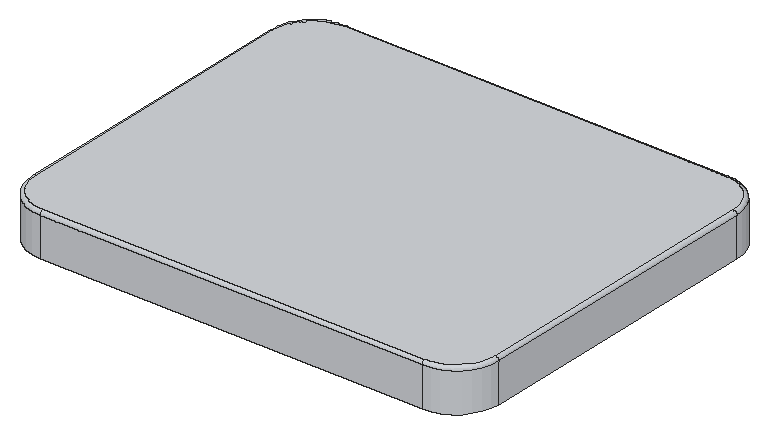
Revit family "F960-33x27x3", category Furniture Systems, Revit 2019
Family settings
  Round Connector Dimension = Use Diameter
  Part Type = Normal
  Work Plane-Based = No
  Always vertical = Yes
  Cut with Voids When Loaded = No
  Shared = No
  Room Calculation Point = No
Parameters
  URL = "https://fomcore.com/"
  Model = "F960-33x27x3"
  Manufacturer = "FOMCORE"
  Fabric = none
  Description = "Nest Series - Robin's Egg Pad"
Reference planes (in)
  plane 1 "Center F/B": y = 0
  plane 2: z = 0
  plane 3 "Center L/R": x = 0
  plane 4: x = 16.5
  plane 5: x = -16.49148
  plane 6: y = -13.5
  plane 7: y = 13.5
Forms (in)
  Extrusion 1, solid, material <- "Fabric"
    sketch origin (0, 0, 0) x (1, 0, 0) y (0, 1, 0)
      loop
        arc (-13.49106, 13.25) -> (-15.4359, 12.44442) -> (-16.24148, 10.49958) r 2.75042
        line (-16.24148, 10.49958) -> (-16.24148, -10.49958)
        arc (-16.24148, -10.49958) -> (-15.4359, -12.44442) -> (-13.49106, -13.25) r 2.75042
        line (-13.49106, -13.25) -> (13.5, -13.25)
        arc (13.5, -13.25) -> (15.44454, -12.44454) -> (16.25, -10.5) r 2.75
        line (16.25, -10.5) -> (16.25, 10.5)
        arc (16.25, 10.5) -> (15.44454, 12.44454) -> (13.5, 13.25) r 2.75
        line (13.5, 13.25) -> (-13.49106, 13.25)
    from 0 to 3
  Sweep 2, solid, material <- "Fabric"
    path origin (0, 0, 2.75) x (1, 0, 0) y (0, 1, 0)
      loop
        line (13.5, 13.5) -> (-13.49106, 13.5)
        arc (-13.49106, 13.5) -> (-15.61268, 12.6212) -> (-16.49148, 10.49958) r 3.00042
        line (-16.49148, 10.49958) -> (-16.49148, -10.49958)
        arc (-16.49148, -10.49958) -> (-15.61268, -12.6212) -> (-13.49106, -13.5) r 3.00042
        line (-13.49106, -13.5) -> (13.5, -13.5)
        arc (13.5, -13.5) -> (15.62132, -12.62132) -> (16.5, -10.5) r 3
        line (16.5, -10.5) -> (16.5, 10.5)
        arc (16.5, 10.5) -> (15.62132, 12.62132) -> (13.5, 13.5) r 3
    profile origin (0.00447, 13.5, 2.75) x (0, -1, 0) y (0, 0, 1)
      loop
        arc (0.25, 0.25) -> (0.07322, 0.17678) -> (0, 0) r 0.25
        line (0, 0) -> (0, -2.75) -> (0.25, -2.75) -> (0.25, 0.25)
Cuts and joins
  joined: Extrusion 1, Sweep 2
Dimensions and locks (in)
  plane 5 to plane 4 = 2' - 8.99148"
  plane 6 to plane 7 = 2' - 3"
  aligned and locked: level to plane 2
